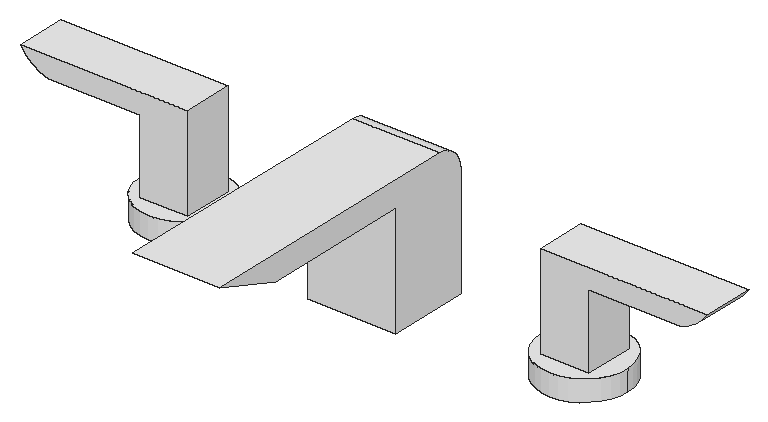
Revit family "Faucet_Contemporary_Soiree_TL960DDLQ_TOTO", category Plumbing Fixtures, Revit 2013
Parameters
  ecoScorecard_data = " "
  ecoScorecard Product Page = "  "
  Width = 13 3/4"  # constant formula
  Waste Connection = no
  Warranty URL = "http://www.totousa.com/warranty-registration"
  Warranty = "Lifetime Limited Warranty (Residential Use); One Year Limited (Commercial Use)"  # constant formula
  Voltage = 0 V
  Vent Connection = yes
  URL = "http://www.totousa.com"
  Toto BIM Number = "BM-00057"  # constant formula
  Subcategory = "Faucets"  # constant formula
  Style = "Contemporary"  # constant formula
  Spec Sheet URL = "http://assets.totousa.com/product-files/SS-00469_TL960DDLQ.pdf"
  Sink Holes Applications = ""
  Shipping Weight = 11.50 lbf
  Series = "Soiree"  # constant formula
  Product Page URL = " "
  Parts Manual URL = " "
  Owners Manual URL = "  "
  Number of Poles = 1
  Model = "TL960DDLQ"  # constant formula
  Manufacturer Toll Free Phone = "1-888-295-8134"  # constant formula
  Manufacturer Phone = "(770) 282-8686 "  # constant formula
  Manufacturer Fax = "(770) 282-0002"  # constant formula
  Manufacturer Email = "mailto:custservice@totousa.com "
  Manufacturer Address = "1155 Southern Road, Morrow, Georgia 30260"  # constant formula
  Manufacturer = "TOTO USA, Inc."  # constant formula
  Installation URL = " "
  Hot Water Connection NPT Radius = 1/4"
  Height = 2 3/4"  # constant formula
  HWFU = 0
  HW Connection = yes
  Frequency = 0 Hz
  Flow Rate = 0 GPM
  Flow Pressure = 0.00 psi
  Finish = Metal - TOTO - Chrome - Polished
  Description = "Widespread Lavatory Faucet"  # constant formula
  Depth = 6 1/16"  # constant formula
  Default Elevation = 48"
  Current = 0 A
  Cost Info = "mailto:custservice@totousa.com "
  Color Availability = "#CP Polished Chrome, #BN Brushed Nickel, #PN Polished Nickel"  # constant formula
  Cold Water Connection NPT Radius = 1/4"
  CWFU = 0
  CW Connection = yes
  CAD Drawing URL = "http://assets.totousa.com/product-files/AD-00046_TL960DD.dxf"
  Assembly Code = "D2010"
  Apparent Power = 0 VA
  ADA Compliant = yes
  95 CSI = "15416"  # constant formula
  04 CSI = "22 41 39"  # constant formula
Reference planes (in)
  plane 1 "Center (Front/Back)": y = 0
  plane 2: z = 0
  plane 3 "Center (Left/Right)": x = 0
  plane 4: z = 2.75
  plane 5: y = -5.19531
  plane 6: y = 0.86719
  plane 7: x = 6.875
  plane 8: x = -6.875
Dimensions and locks (in)
  "Height": plane 4 to plane 2
  "Depth": plane 5 to plane 6
  equal spacing: plane 8, plane 3 "Center (Left/Right)", plane 7
  "Width": plane 8 to plane 7
  aligned: nested 1 to plane 1 "Center (Front/Back)"
  aligned and locked: plane 1 "Center (Front/Back)" to nested 1
Nested families (in)
  nested 1: "TL960DD_TotoUSA" at (0, 0, 0), type "TL960DD_TotoUSA"
    with Nominal Width 13 3/4", Handle Spread Distance 8", Handle Distance From Center 4", Flow Pressure 0.00 psi
Connectors (in)
  piping at (-4, 0, 0), driven by "Hot Water Connection NPT Radius"
    settings: on nested 1, index 1, connector radius 1/4", flow factor 0, pipe flow 0 GPM, pressure drop 0.00 psi, fitting loss kfactor 0, connector angle 0.00°, fixture units 0, engagement length 0", flow configuration 3, flow direction 1, fitting loss method 4, system type 19, joint type 0, gender type 0, connector reference index -1, connector utility 0, adjustable connector no, is connector primary yes, fitting loss table "", connector description "Hot Water Inlet Connection"
  piping at (4, 0, 0), driven by "Cold Water Connection NPT Radius"
    settings: on nested 1, index 2, connector radius 1/4", flow factor 0, pipe flow 0 GPM, pressure drop 0.00 psi, fitting loss kfactor 0, connector angle 0.00°, fixture units 0, engagement length 0", flow configuration 3, flow direction 1, fitting loss method 4, system type 20, joint type 0, gender type 0, connector reference index -1, connector utility 0, adjustable connector no, is connector primary no, fitting loss table "", connector description "Cold Water Inlet Connection"
Definition of nested family "TL960DD_TotoUSA"
  Parameters (values of type "TL960DD_TotoUSA")
    ecoScorecard_data = ""
    ecoScorecard Product Page = ""
    Waste Connection = no
    WFU = 0
    Vent Connection = yes
    URL = "http://www.totousa.com"
    Toto Version = "V.02"  # constant formula
    Toto BIM Number = "BM-00057"  # constant formula
    Subcategory = "Faucets"  # constant formula
    Shipping Weight = 8.50 lbf
    Series = "Soiree"
    Product URL = "http://www.totousa.com/ProductDetail/tabid/75/Default.aspx?ProductId=2c992d45-103a-4469-86da-7bf1419bb8e0&SearchId=7f59a17c-b5c3-45db-b471-318f0d3e630a"
    Nominal Width [instance] = Handle Spread Distance + 5 3/4"  # 13 3/4"
    Nominal Height = 2 3/4"  # constant formula
    Nominal Depth = 6 9/128"  # constant formula
    Model = "TL960DD#CP"
    Manufacturer = "TOTO"
    Hot Water Connection Radius = Hot Water Connection NPT / 2  # 1/4"
    Hot Water Connection NPT = 1/2"
    Handle Spread Distance [instance] = 8"  # constant formula
    Handle Distance From Center [instance] = if(and(Handle Spread Distance > 7", Handle Spread Distance < 17"), Handle Spread Distance / 2, 4")  # 4"
    HWFU = 0
    HW Connection = yes
    Flow Pressure [instance] = 0.00 psi
    Faucet Material = none
    Description = "Widespread Lavatory Faucet"
    Cold Water Connection Radius = Cold Water Connection NPT / 2  # 1/4"
    Cold Water Connection NPT = 1/2"
    CWFU = 0
    CW Connection = yes
    CADworks URL = "http://www.CADworks.net"
    Assembly Code = "D2010310"
    ADA Compliant = yes
  Reference planes (in)
    plane 1 "Center (Front/Back)": y = 0
    plane 2: z = 0
    plane 3 "Center (Left/Right)": x = 0
    plane 4: x = 0.875
    plane 5: x = -0.875
    plane 6: z = 2.75
    plane 7: z = 2.25
    plane 8: y = 0.805
    plane 9: y = -5.19531
    plane 10: x = 4
    plane 11: x = -4
    plane 12: x = 6.875
    plane 13: x = -6.875
    plane 14: z = 0.42187
    plane 15: y = 0.5
    plane 16: y = -0.5
    plane 17: y = 0.875
    plane 18: z = 2.3125
  Forms (in)
    Extrusion 1, solid, material <- "Faucet Material"
      sketch origin (0, 0, 0) x (0, 1, 0) y (0, 0, 1)
        loop
          line (0.805, 0) -> (0.805, 2.24219)
          arc (0.805, 2.24219) -> (0.65627, 2.60127) -> (0.29719, 2.75) r 0.50781
          line (0.29719, 2.75) -> (-5.19531, 2.75) -> (-3.80469, 2.25) -> (-0.805, 2.25) -> (-0.805, 0) -> (0.805, 0)
      from -0.875 to 0.875
    Extrusion 2, solid, material <- "Faucet Material"
      sketch origin (0, 0, 0) x (1, 0, 0) y (0, 1, 0)
        loop
          circle (4, 0) r 0.875
        loop
          circle (-4, 0) r 0.875
      from 0 to 0.42188
    Extrusion 3, solid, material <- "Faucet Material"
      sketch origin (0, 0, 0) x (1, 0, 0) y (0, 0, 1)
        loop
          line (6.875, 2.3125) -> (3.52, 2.3125) -> (3.52, 0.42187) -> (4.48, 0.42187) -> (4.48, 1.90625) -> (6.3104, 1.90625)
          arc (6.3104, 1.90625) -> (6.62884, 2.05915) -> (6.875, 2.3125) r 1.00839
        loop
          arc (-6.875, 2.3125) -> (-6.62884, 2.05915) -> (-6.3104, 1.90625) r 1.00839
          line (-6.3104, 1.90625) -> (-4.48, 1.90625) -> (-4.48, 0.42187) -> (-3.52, 0.42187) -> (-3.52, 2.3125) -> (-6.875, 2.3125)
      from 0.5 to -0.5
  Lines and regions (in)
    symbolic lines
      curve 1: line (4.71807, 0.5, 2.75) -> (3.52, 0.5, 2.75)
      curve 2: line (3.52, 0.5, 2.75) -> (3.52, -0.5, 2.75)
      curve 3: line (3.52, -0.5, 2.75) -> (4.71807, -0.5, 2.75)
      curve 4: line (-4.71807, 0.5, 2.75) -> (-3.52, 0.5, 2.75)
      curve 5: line (-3.52, 0.5, 2.75) -> (-3.52, -0.5, 2.75)
      curve 6: line (-3.52, -0.5, 2.75) -> (-4.71807, -0.5, 2.75)
  Dimensions and locks (in)
    equal spacing: plane 5, plane 3 "Center (Left/Right)", plane 4, locked at 0.875 each
    locked: plane 8 to plane 1 "Center (Front/Back)" at 0.805
    "Nominal Height": plane 6 to plane 2
    locked: plane 6 to plane 7 at 0.5
    plane 8 to plane 1 "Center (Front/Back)" to Extrusion 1 sketch curve = 0.805" locked, 0.805" locked
    locked: plane 10 to plane 12 at 2.875
    locked: plane 13 to plane 11 at 2.875
    locked: plane 1 "Center (Front/Back)" to Extrusion 2 sketch curve at 0  (x2)
    locked: plane 11 to Extrusion 2 sketch curve at 0
    locked: plane 10 to Extrusion 2 sketch curve at 0
    locked: plane 14 to plane 2 at 0.42188
    equal spacing: plane 16, plane 1 "Center (Front/Back)", plane 15, locked at 0.5 each
    locked: plane 17 to plane 1 "Center (Front/Back)" at 0.875
    "Nominal Depth": plane 17 to plane 9
    equal spacing: plane 11, plane 3 "Center (Left/Right)", plane 10
    "Handle Spread Distance": plane 11 to plane 10
    locked: Extrusion 3 sketch curve to plane 2 at 1.90625  (x2)
    Extrusion 3 sketch curve to plane 10 to Extrusion 3 sketch curve = 0.48" locked, 0.48" locked
    Extrusion 3 sketch curve to plane 11 to Extrusion 3 sketch curve = 0.48" locked, 0.48" locked
    locked: Extrusion 3 sketch curve to plane 12 at 0.5646
    locked: Extrusion 3 sketch curve to plane 13 at 0.5646
    locked: plane 18 to plane 2 at 2.3125
    locked: Extrusion 1 sketch curve to plane 9 at 1.39063
    radius of Extrusion 1 sketch curve = 65/128"
    radius of Extrusion 2 sketch curve = 7/8"  (x2)
    radius of Extrusion 3 sketch curve = 1.00839"  (x2)
    aligned and locked: Extrusion 1 sketch curve to plane 7
    aligned and locked: Extrusion 1 sketch curve to plane 6
    aligned and locked: Extrusion 1 sketch curve to plane 8
    aligned and locked: Extrusion 1 sketch curve to plane 2
    aligned and locked: Extrusion 1 to plane 4
    aligned and locked: Extrusion 1 to plane 5
    aligned and locked: plane 14 to Extrusion 2
    aligned and locked: Extrusion 2 to level
    aligned and locked: Extrusion 3 sketch curve to plane 14
    aligned and locked: plane 16 to Extrusion 3
    aligned and locked: plane 15 to Extrusion 3
    aligned and locked: Extrusion 3 to curve 1
    aligned and locked: curve 2 to Extrusion 3
    aligned and locked: Extrusion 3 to curve 3
    aligned and locked: curve 6 to Extrusion 3
    aligned and locked: curve 4 to Extrusion 3
    aligned and locked: plane 14 to Extrusion 3 sketch curve
    aligned and locked: plane 13 to Extrusion 3 sketch curve
    aligned and locked: plane 12 to Extrusion 3 sketch curve
    aligned and locked: Extrusion 3 sketch curve to plane 18
    aligned and locked: plane 18 to Extrusion 3 sketch curve
  Automatic sketch dimensions
    plane 16 to curve 6 = 0"
    curve 3 to plane 10 = 0.71807"
    curve 1 to plane 10 = 0.71807"
    curve 4 to plane 11 = 0.71807"
    curve 6 to plane 11 = 0.71807"
    Extrusion 1 sketch curve to plane 9 = 0"
